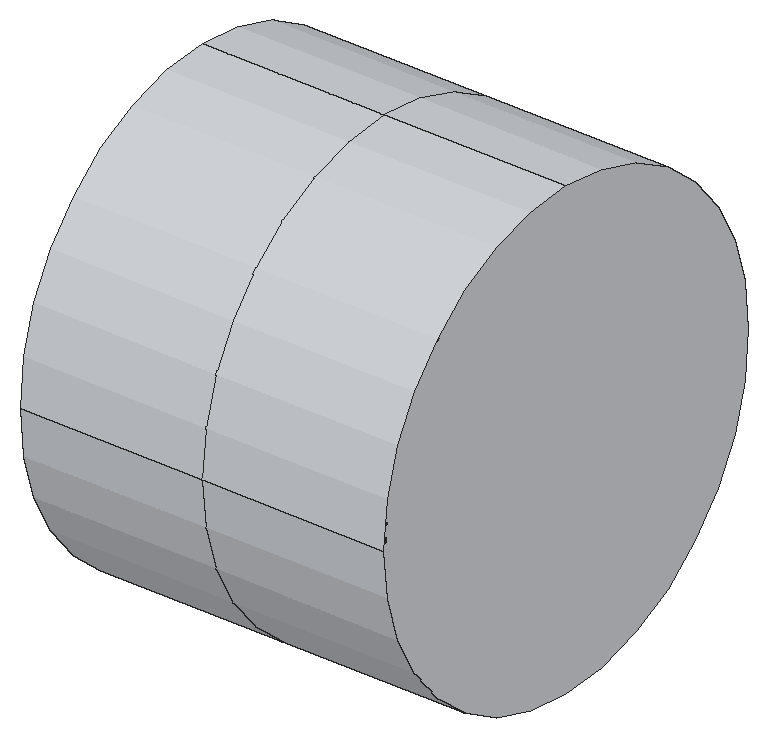
Revit family "Tap -  Pipe - 90", category Pipe Fittings, Revit 2017
Family settings
  Round Connector Dimension = Use Radius
  Part Type = Spud - Adjustable
  Work Plane-Based = No
  Always vertical = Yes
  Cut with Voids When Loaded = No
  Shared = No
Parameters (values of type "Standard")
  built-in parameter 1114214 [instance] = Diameter / 2  # 0' - 0 3/4"
  built-in parameter 1114213 [instance] = 0' - 0 3/4"
  built-in parameter 1114215 [instance] = (empty or 0)
  Radius [instance] = Diameter / 2  # 0' - 0 3/4"
  Out Side Diameter [instance] = size_lookup(Lookup Table Name, "FOD", Diameter * 1.25, Diameter)  # 0' - 1 7/8"
  Lookup Table Name = "Tap - Pipe - 90"
  Diameter [instance] = 0' - 1 1/2"
  Assembly Code = ""
Reference planes (in)
  plane 1 "Center (Front/Back)": y = 0
  plane 2: z = 0
  plane 3 "Center (Left/Right)": x = 0
  plane 4: x = -0.75
  plane 5: x = 0.75
Forms (in)
  Sweep 1, solid, detail levels medium+fine
    path in 3D
      loop
        line (0, 0, 0) -> (0.75, 0, 0)
    profile "Duct - Round : Duct - Round" origin (0.375, 0, 0) x (0, 1, 0) y (0, 0, 1)
      loop
        arc (-0.9375, 0) -> (-0.66291, -0.66291) -> (0, -0.9375) r 0.9375
        arc (0, -0.9375) -> (0.66291, -0.66291) -> (0.9375, 0) r 0.9375
        arc (0.9375, 0) -> (0.66291, 0.66291) -> (0, 0.9375) r 0.9375
        arc (0, 0.9375) -> (-0.66291, 0.66291) -> (-0.9375, 0) r 0.9375
  Sweep 2, solid, detail levels medium+fine
    path in 3D
      loop
        line (-0.75, 0, 0) -> (0, 0, 0)
    profile "Duct - Round : Duct - Round" origin (-0.375, 0, 0) x (0, 1, 0) y (0, 0, 1)
      loop
        arc (-0.9375, 0) -> (-0.66291, -0.66291) -> (0, -0.9375) r 0.9375
        arc (0, -0.9375) -> (0.66291, -0.66291) -> (0.9375, 0) r 0.9375
        arc (0.9375, 0) -> (0.66291, 0.66291) -> (0, 0.9375) r 0.9375
        arc (0, 0.9375) -> (-0.66291, 0.66291) -> (-0.9375, 0) r 0.9375
Cuts and joins
  joined: Sweep 1, Sweep 2
Lines and regions (in)
  reference lines
    curve 1: line (0, 0, 0) -> (0.75, 0, 0)
    curve 3: line (-0.75, 0, 0) -> (0, 0, 0)
  sketch lines
    curve 2: line (0, 0, 0) -> (0.75, 0, 0)
    curve 4: line (-0.75, 0, 0) -> (0, 0, 0)
  model lines
    curve 5: line (-0.75, 0, 0) -> (0, 0, 0)
  model lines, detail levels coarse
    curve 6: line (0, 0, 0) -> (0.75, 0, 0)
Dimensions and locks (in)
  "built-in parameter 1114213": plane 3 "Center (Left/Right)" to plane 5
  "built-in parameter 1114214": plane 4 to plane 3 "Center (Left/Right)"
  aligned and locked: plane 5 to curve 1
  aligned and locked: plane 3 "Center (Left/Right)" to curve 1
  aligned and locked: plane 1 "Center (Front/Back)" to curve 1
  aligned and locked: plane 4 to curve 3
  aligned and locked: plane 1 "Center (Front/Back)" to curve 3
  aligned and locked: plane 3 "Center (Left/Right)" to curve 6
  aligned and locked: plane 4 to curve 5
  aligned and locked: plane 1 "Center (Front/Back)" to curve 5
Automatic sketch dimensions
  curve 6 to plane 5 = 0' - 0"
Connectors (in)
  piping at (0, 0, 0), diameter 1.5, driven by "Radius"
    settings: on Sweep 1, index 1, connector inside diameter 40 mm, connector length 0' - 0", flow factor 0, pipe flow 0 GPM, pressure drop 0.00 psi, fitting loss kfactor 0, connector angle 0.00°, fixture units 0, engagement length 0' - 0", angle of deflection 0.00°, flow configuration 0, flow direction 0, fitting loss method 0, system type 28, joint type 0, gender type 0, connector reference index -1, connector utility 0, adjustable connector no, is connector primary yes, connector description ""
  piping at (0.75, 0, 0), diameter 1.5, driven by "Radius"
    settings: on Sweep 1, index 2, connector inside diameter 40 mm, connector length 0' - 0", flow factor 0, pipe flow 0 GPM, pressure drop 0.00 psi, fitting loss kfactor 0, connector angle 0.00°, fixture units 0, engagement length 0' - 0", angle of deflection 0.00°, flow configuration 0, flow direction 0, fitting loss method 0, system type 28, joint type 0, gender type 0, connector reference index -1, connector utility 0, adjustable connector no, is connector primary no, connector description ""
